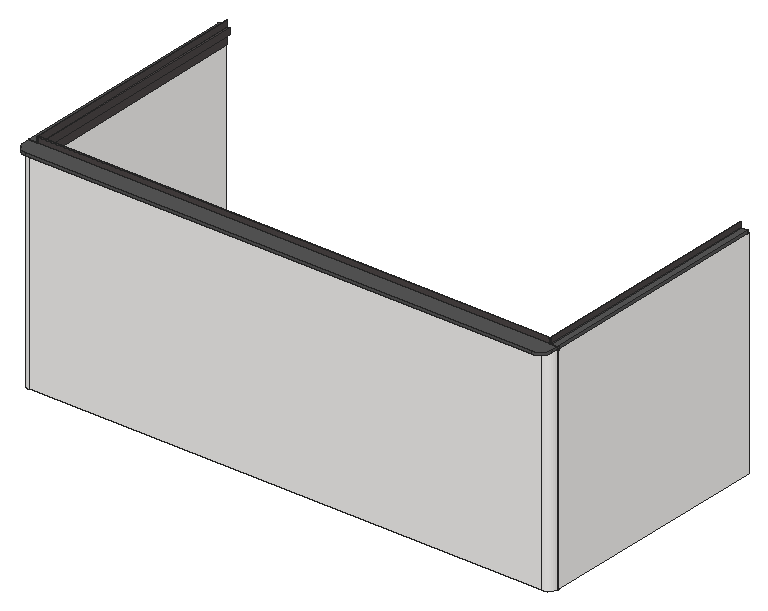
Revit family "vanity unit with 1 drawers for consoles with countertop basin ground", category Furniture, Revit 2019 (continued)
Definition of nested family "vanity unit 980_550 with 1 drawer for consoles with countertop basin ground-54058000-high gloss white-chrome-200_content"
  Parameters (values of type "Vanity unit 980_550 with 1 drawer for consoles with countertop basin ground-54058000-High Gloss White-CHROME-200_Content")
    UNICLASS2015 = "Pr_40_30_78_05 | Bathroom furniture"
    SURFACE = "CHROME"
    REGIONSET = "Worldwide"
    PRODUCTURL = "https://pro.hansgrohe.com/articledetail--54058000"
    PRODUCTGROUP = "vanity unit"
    PRODUCTFAMILY = "Xelu Q"
    PERMALINK = "54058XXX"
    OMNICLASS = "23-21 19 15 33 13 | Residential Bathroom Specialty Casework"
    OBJECTTYPE = "Object (single object)"
    OBERFLAECHE = "High Gloss White"
    NN = "Vanity Unit with 1 Drawers for consoles with countertop basin ground"
    NBSYN = "$BASENUMBER.-$ARTNR.-$OBERFLAECHE.-$SURFACE.-$LODLEVEL."
    NB = "Vanity unit 980/550 with 1 drawer for consoles with countertop basin ground-54058000-High Gloss White-CHROME-200"
    NAME = "Xelu Q Vanity unit High Gloss White 980/550 with 1 drawer for consoles with countertop basin ground"
    Model = "Vanity unit 980/550 with 1 drawer for consoles with countertop basin ground-54058000-High Gloss White-CHROME-200"
    Manufacturer = "Hansgrohe"
    MASTERFORMAT = "12 35 30.23 | Bathroom Casework"
    LODLEVEL = "200"
    LINA = "Vanity unit 980/550 with 1 drawer for consoles with countertop basin ground-54058000-High Gloss White-CHROME-200"
    L = 980
    IFC = "Furnishing element"
    GTINCODE = "4059625456217"
    ETIM = "EC011381 | Bathroom furniture set"
    Default Elevation = 1219.2 mm
    DESIGN = "Germany"
    ContentVisible [instance] = yes
    CATALOG = "Hansgrohe"
    BIMOBJECT = "Sanitary: Compound units"
    BASENUMBER = "Vanity unit 980/550 with 1 drawer for consoles with countertop basin ground"
    ARTNR = "54058000"
  Reference planes
    plane 1 "Center (Front/Back)": y = 0
    plane 2: z = 0
    plane 3 "Center (Left/Right)": x = 0
  Forms (mm)
    Extrusion 1, solid, visible <- "ContentVisible", detail levels medium+fine
      sketch origin (0, 0, 0) x (1, 0, 0) y (0, 1, 0)
        loop
          line (-490, 0) -> (-490, -551) -> (490, -551) -> (490, 0) -> (474, 0) -> (474, -117) -> (-474, -117) -> (-474, 0) -> (-490, 0)
      from 0 to 480
    Extrusion 2, solid, visible <- "ContentVisible", detail levels medium+fine
      sketch origin (0, 0, 480) x (1, 0, 0) y (0, 1, 0)
        loop
          line (-488.5, -528.5) -> (-488.5, -571) -> (488.5, -571) -> (488.5, -528.5) -> (-488.5, -528.5)
      from 0 to 5
    Extrusion 3, solid, visible <- "ContentVisible", detail levels medium+fine
      sketch origin (0, 0, 0) x (1, 0, 0) y (0, 0, -1)
        loop
          line (-474, -447) -> (-474, -485) -> (-472.5, -485) -> (-472.5, -447) -> (-474, -447)
      from -530 to 0
    Extrusion 4, solid, visible <- "ContentVisible", detail levels medium+fine
      sketch origin (0, 0, 0) x (1, 0, 0) y (0, 0, -1)
        loop
          line (472.5, -446.8) -> (472.5, -485) -> (474, -485) -> (474, -446.8) -> (472.5, -446.8)
      from -530 to 0
    Extrusion 5, solid, visible <- "ContentVisible", detail levels medium+fine
      sketch origin (0, 0, 480) x (1, 0, 0) y (0, 1, 0)
        loop
          line (-490, 0) -> (-490, -530) -> (-474, -530) -> (-474, 0) -> (-490, 0)
      from 0 to 5
    Extrusion 6, solid, visible <- "ContentVisible", detail levels medium+fine
      sketch origin (0, 0, 480) x (1, 0, 0) y (0, 1, 0)
        loop
          line (474, 0) -> (474, -530) -> (490, -530) -> (490, 0) -> (474, 0)
      from 0 to 5
    Extrusion 7, solid, visible <- "ContentVisible", detail levels medium+fine
      sketch origin (0, 0, 0) x (1, 0, 0) y (0, 0, -1)
        loop
          line (-472.5, -447) -> (-472.5, -496) -> (-466.4, -496) -> (-466.4, -447) -> (-472.5, -447)
      from -528.5 to 0
    Extrusion 8, solid, visible <- "ContentVisible", detail levels medium+fine
      sketch origin (0, 0, 0) x (1, 0, 0) y (0, 0, -1)
        loop
          line (466.4, -447) -> (466.4, -496) -> (472.5, -496) -> (472.5, -447) -> (466.4, -447)
      from -528.5 to 0
    Extrusion 9, solid, visible <- "ContentVisible", detail levels medium+fine
      sketch origin (0, 0, 0) x (0, 0, -1) y (0, 1, 0)
        loop
          line (-496, -528.5) -> (-447, -528.5) -> (-447, -522.4) -> (-496, -522.4) -> (-496, -528.5)
      from -472.5 to 472.5
    Extrusion 10, solid, visible <- "ContentVisible", detail levels coarse
      sketch origin (0, -285.5, 0) x (1, 0, 0) y (0, 1, 0)
        loop
          line (-490, -285.5) -> (490, -285.5) -> (490, 285.5) -> (-490, 285.5) -> (-490, -285.5)
      from 0 to 496
  Dimensions and locks
    aligned and locked: level to plane 2
Definition of nested family "vanity unit 980_550 with 1 drawer for consoles with countertop basin ground-54058000-high gloss white-chrome-400_content"
  Parameters (values of type "Vanity unit 980_550 with 1 drawer for consoles with countertop basin ground-54058000-High Gloss White-CHROME-400_Content")
    etim7_EC011381 = "EC011381"
    WEIGHT = "30.2"
    UNSPSC = "56 | Furniture and Furnishings"
    UNIFORMATII = "E2010 | Fixed Furnishings"
    UNICLASS_2015_CODE = "40_30_78_05"
    UNICLASS2015 = "Pr_40_30_78_05 | Bathroom furniture"
    SURFACE = "CHROME"
    REGIONSET = "Worldwide"
    PRODUCTURL = "https://pro.hansgrohe.com/articledetail--54058000"
    PRODUCTGROUP = "vanity unit"
    PRODUCTFAMILY = "Xelu Q"
    PERMALINK = "54058XXX"
    OMNICLASS = "23-21 19 15 33 13 | Residential Bathroom Specialty Casework"
    OBJECTTYPE = "Object (single object)"
    OBERFLAECHE = "High Gloss White"
    NN = "Vanity Unit with 1 Drawers for consoles with countertop basin ground"
    NBSYN = "$BASENUMBER.-$ARTNR.-$OBERFLAECHE.-$SURFACE.-$LODLEVEL."
    NB = "Vanity unit 980/550 with 1 drawer for consoles with countertop basin ground-54058000-High Gloss White-CHROME-400"
    NAME = "Xelu Q Vanity unit High Gloss White 980/550 with 1 drawer for consoles with countertop basin ground"
    Model = "Vanity unit 980/550 with 1 drawer for consoles with countertop basin ground-54058000-High Gloss White-CHROME-400"
    Manufacturer = "Hansgrohe"
    MASTERFORMAT = "12 35 30.23 | Bathroom Casework"
    LODLEVEL = "400"
    LINA = "Vanity unit 980/550 with 1 drawer for consoles with countertop basin ground-54058000-High Gloss White-CHROME-400"
    L = 980
    IFC = "Furnishing element"
    GTINCODE = "4059625456217"
    ETIM = "EC011381 | Bathroom furniture set"
    Default Elevation = 1219.2 mm
    DESIGN = "Germany"
    ContentVisible [instance] = yes
    CATALOG = "Hansgrohe"
    BIMOBJECT = "Sanitary: Compound units"
    BASENUMBER = "Vanity unit 980/550 with 1 drawer for consoles with countertop basin ground"
    ARTNR = "54058000"
  Reference planes
    plane 1 "Center (Front/Back)": y = 0
    plane 2: z = 0
    plane 3 "Center (Left/Right)": x = 0
  Forms (mm)
    Extrusion 1, solid, visible <- "ContentVisible", detail levels medium+fine
      sketch origin (0, 0, 0) x (1, 0, 0) y (0, 1, 0)
        loop
          line (-490, 0) -> (-490, -527)
          arc (-490, -527) -> (-489.121, -529.121) -> (-487, -530) r 3
          line (-487, -530) -> (-474, -530) -> (-474, 0) -> (-490, 0)
      from 0 to 480
    Extrusion 2, solid, visible <- "ContentVisible", detail levels medium+fine
      sketch origin (0, 0, 0) x (1, 0, 0) y (0, 1, 0)
        loop
          line (-474, -133) -> (-474, -499.5) -> (474, -499.5) -> (474, -133) -> (-474, -133)
      from 0 to 16
    Extrusion 3, solid, visible <- "ContentVisible", detail levels medium+fine
      sketch origin (0, 0, 0) x (1, 0, 0) y (0, 1, 0)
        loop
          line (474, 0) -> (474, -530) -> (487, -530)
          arc (487, -530) -> (489.121, -529.121) -> (490, -527) r 3
          line (490, -527) -> (490, 0) -> (474, 0)
      from 0 to 480
    Extrusion 4, solid, visible <- "ContentVisible", detail levels medium+fine
      sketch origin (0, 0, 0) x (1, 0, 0) y (0, 1, 0)
        loop
          line (-474, -117) -> (-474, -133) -> (474, -133) -> (474, -117) -> (-474, -117)
      from 0 to 126
    Extrusion 5, solid, visible <- "ContentVisible", detail levels medium+fine
      sketch origin (0, 0, 2) x (1, 0, 0) y (0, 1, 0)
        loop
          line (-490, -530) -> (-490, -532)
          arc (-490, -532) -> (-484.435, -545.435) -> (-471, -551) r 19
          line (-471, -551) -> (471, -551)
          arc (471, -551) -> (484.435, -545.435) -> (490, -532) r 19
          line (490, -532) -> (490, -530) -> (-490, -530)
      from 0 to 478
    Extrusion 6, solid, visible <- "ContentVisible", detail levels medium+fine
      sketch origin (0, 0, 480) x (1, 0, 0) y (0, 1, 0)
        loop
          line (-488.5, -530) -> (-488.5, -546)
          arc (-488.5, -546) -> (-481.178, -563.678) -> (-463.5, -571) r 25
          line (-463.5, -571) -> (463.5, -571)
          arc (463.5, -571) -> (481.178, -563.678) -> (488.5, -546) r 25
          line (488.5, -546) -> (488.5, -530) -> (468.5, -530) -> (468.5, -528.5) -> (-468.5, -528.5) -> (-468.5, -530) -> (-488.5, -530)
      from 0 to 5
    Extrusion 7, solid, visible <- "ContentVisible", detail levels medium+fine
      sketch origin (0, 0, 0) x (0, 0, -1) y (0, 1, 0)
        loop
          line (-480, -528.5) -> (-480, -530) -> (-450, -530) -> (-450, -528.5) -> (-480, -528.5)
      from -468.5 to 468.5
    Extrusion 8, solid, visible <- "ContentVisible", detail levels medium+fine
      sketch origin (0, 0, 0) x (1, 0, 0) y (0, 0, -1)
        loop
          line (-474, -447) -> (-474, -485) -> (-472.5, -485) -> (-472.5, -447) -> (-474, -447)
      from -530 to 0
    Extrusion 9, solid, visible <- "ContentVisible", detail levels medium+fine
      sketch origin (0, 0, 0) x (1, 0, 0) y (0, 0, -1)
        loop
          line (472.5, -446.8) -> (472.5, -485) -> (474, -485) -> (474, -446.8) -> (472.5, -446.8)
      from -530 to 0
    Extrusion 10, solid, visible <- "ContentVisible", detail levels medium+fine
      sketch origin (0, 0, 480) x (1, 0, 0) y (0, 1, 0)
        loop
          line (-490, -3) -> (-490, -527)
          arc (-490, -527) -> (-489.121, -529.121) -> (-487, -530) r 3
          line (-487, -530) -> (-474, -530) -> (-474, 0) -> (-487, 0)
          arc (-487, 0) -> (-489.121, -0.879) -> (-490, -3) r 3
      from 0 to 5
    Extrusion 11, solid, visible <- "ContentVisible", detail levels medium+fine
      sketch origin (0, 0, 480) x (1, 0, 0) y (0, 1, 0)
        loop
          line (474, 0) -> (474, -530) -> (487, -530)
          arc (487, -530) -> (489.121, -529.121) -> (490, -527) r 3
          line (490, -527) -> (490, -3)
          arc (490, -3) -> (489.121, -0.879) -> (487, 0) r 3
          line (487, 0) -> (474, 0)
      from 0 to 5
    Extrusion 12, solid, visible <- "ContentVisible", detail levels medium+fine
      sketch origin (0, 0, 0) x (1, 0, 0) y (0, 0, -1)
        loop
          line (-472.5, -447) -> (-472.5, -496) -> (-471, -496) -> (-471, -483) -> (-466.4, -483) -> (-466.4, -468.5) -> (-471, -468.5) -> (-471, -447) -> (-472.5, -447)
      from -528.5 to 0
    Extrusion 13, solid, visible <- "ContentVisible", detail levels medium+fine
      sketch origin (0, 0, 0) x (1, 0, 0) y (0, 0, -1)
        loop
          line (466.4, -468.5) -> (466.4, -483) -> (471, -483) -> (471, -496) -> (472.5, -496) -> (472.5, -447) -> (471, -447) -> (471, -468.5) -> (466.4, -468.5)
      from -528.5 to 0
    Extrusion 14, solid, visible <- "ContentVisible", detail levels medium+fine
      sketch origin (0, 0, 0) x (0, 0, -1) y (0, 1, 0)
        loop
          line (-496, -528.5) -> (-447, -528.5) -> (-447, -527) -> (-468.5, -527) -> (-468.5, -522.4) -> (-483, -522.4) -> (-483, -527) -> (-496, -527) -> (-496, -528.5)
      from -472.5 to 472.5
    Extrusion 15, solid, visible <- "ContentVisible", detail levels medium+fine
      sketch origin (0, 0, 0) x (0, 0, -1) y (0, 1, 0)
        loop
          line (-440, -477) -> (-440, -493) -> (-366, -493) -> (-366, -477) -> (-440, -477)
      from -474 to 474
    Extrusion 16, solid, visible <- "ContentVisible", detail levels coarse
      sketch origin (0, -285.5, 0) x (1, 0, 0) y (0, 1, 0)
        loop
          line (-490, -285.5) -> (490, -285.5) -> (490, 285.5) -> (-490, 285.5) -> (-490, -285.5)
      from 0 to 496
  Dimensions and locks
    aligned and locked: level to plane 2
Definition of nested family "vanity unit 980_550 with 1 drawer for consoles with countertop basin ground-54058670-high gloss white-matt_black-200_con"
  Parameters (values of type "Vanity unit 980_550 with 1 drawer for consoles with countertop basin ground-54058670-High Gloss White-MATT_BLACK-200_Con")
    etim7_EC011381 = "EC011381"
    WEIGHT = "30.2"
    UNSPSC = "56 | Furniture and Furnishings"
    UNIFORMATII = "E2010 | Fixed Furnishings"
    UNICLASS_2015_CODE = "40_30_78_05"
    UNICLASS2015 = "Pr_40_30_78_05 | Bathroom furniture"
    SURFACE = "MATT_BLACK"
    REGIONSET = "Worldwide"
    PRODUCTURL = "https://pro.hansgrohe.com/articledetail--54058000"
    PRODUCTGROUP = "vanity unit"
    PRODUCTFAMILY = "Xelu Q"
    PERMALINK = "54058XXX"
    OMNICLASS = "23-21 19 15 33 13 | Residential Bathroom Specialty Casework"
    OBJECTTYPE = "Object (single object)"
    OBERFLAECHE = "High Gloss White"
    NN = "Vanity Unit with 1 Drawers for consoles with countertop basin ground"
    NBSYN = "$BASENUMBER.-$ARTNR.-$OBERFLAECHE.-$SURFACE.-$LODLEVEL."
    NB = "Vanity unit 980/550 with 1 drawer for consoles with countertop basin ground-54058670-High Gloss White-MATT_BLACK-200"
    NAME = "Xelu Q Vanity unit High Gloss White 980/550 with 1 drawer for consoles with countertop basin ground"
    Model = "Vanity unit 980/550 with 1 drawer for consoles with countertop basin ground-54058670-High Gloss White-MATT_BLACK-200"
    Manufacturer = "Hansgrohe"
    MASTERFORMAT = "12 35 30.23 | Bathroom Casework"
    LODLEVEL = "200"
    LINA = "Vanity unit 980/550 with 1 drawer for consoles with countertop basin ground-54058670-High Gloss White-MATT_BLACK-200"
    L = 980
    IFC = "Furnishing element"
    GTINCODE = "4059625456217"
    ETIM = "EC011381 | Bathroom furniture set"
    Default Elevation = 1219.2 mm
    DESIGN = "Germany"
    ContentVisible [instance] = yes
    CATALOG = "Hansgrohe"
    BIMOBJECT = "Sanitary: Compound units"
    BASENUMBER = "Vanity unit 980/550 with 1 drawer for consoles with countertop basin ground"
    ARTNR = "54058670"
  Reference planes
    plane 1 "Center (Front/Back)": y = 0
    plane 2: z = 0
    plane 3 "Center (Left/Right)": x = 0
  Forms (mm)
    Extrusion 1, solid, visible <- "ContentVisible", detail levels medium+fine
      sketch origin (0, 0, 0) x (1, 0, 0) y (0, 1, 0)
        loop
          line (-490, 0) -> (-490, -551) -> (490, -551) -> (490, 0) -> (474, 0) -> (474, -117) -> (-474, -117) -> (-474, 0) -> (-490, 0)
      from 0 to 480
    Extrusion 2, solid, visible <- "ContentVisible", detail levels medium+fine
      sketch origin (0, 0, 480) x (1, 0, 0) y (0, 1, 0)
        loop
          line (-488.5, -528.5) -> (-488.5, -571) -> (488.5, -571) -> (488.5, -528.5) -> (-488.5, -528.5)
      from 0 to 5
    Extrusion 3, solid, visible <- "ContentVisible", detail levels medium+fine
      sketch origin (0, 0, 0) x (1, 0, 0) y (0, 0, -1)
        loop
          line (-474, -447) -> (-474, -485) -> (-472.5, -485) -> (-472.5, -447) -> (-474, -447)
      from -530 to 0
    Extrusion 4, solid, visible <- "ContentVisible", detail levels medium+fine
      sketch origin (0, 0, 0) x (1, 0, 0) y (0, 0, -1)
        loop
          line (472.5, -446.8) -> (472.5, -485) -> (474, -485) -> (474, -446.8) -> (472.5, -446.8)
      from -530 to 0
    Extrusion 5, solid, visible <- "ContentVisible", detail levels medium+fine
      sketch origin (0, 0, 480) x (1, 0, 0) y (0, 1, 0)
        loop
          line (-490, 0) -> (-490, -530) -> (-474, -530) -> (-474, 0) -> (-490, 0)
      from 0 to 5
    Extrusion 6, solid, visible <- "ContentVisible", detail levels medium+fine
      sketch origin (0, 0, 480) x (1, 0, 0) y (0, 1, 0)
        loop
          line (474, 0) -> (474, -530) -> (490, -530) -> (490, 0) -> (474, 0)
      from 0 to 5
    Extrusion 7, solid, visible <- "ContentVisible", detail levels medium+fine
      sketch origin (0, 0, 0) x (1, 0, 0) y (0, 0, -1)
        loop
          line (-472.5, -447) -> (-472.5, -496) -> (-466.4, -496) -> (-466.4, -447) -> (-472.5, -447)
      from -528.5 to 0
    Extrusion 8, solid, visible <- "ContentVisible", detail levels medium+fine
      sketch origin (0, 0, 0) x (1, 0, 0) y (0, 0, -1)
        loop
          line (466.4, -447) -> (466.4, -496) -> (472.5, -496) -> (472.5, -447) -> (466.4, -447)
      from -528.5 to 0
    Extrusion 9, solid, visible <- "ContentVisible", detail levels medium+fine
      sketch origin (0, 0, 0) x (0, 0, -1) y (0, 1, 0)
        loop
          line (-496, -528.5) -> (-447, -528.5) -> (-447, -522.4) -> (-496, -522.4) -> (-496, -528.5)
      from -472.5 to 472.5
    Extrusion 10, solid, visible <- "ContentVisible", detail levels coarse
      sketch origin (0, -285.5, 0) x (1, 0, 0) y (0, 1, 0)
        loop
          line (-490, -285.5) -> (490, -285.5) -> (490, 285.5) -> (-490, 285.5) -> (-490, -285.5)
      from 0 to 496
  Dimensions and locks
    aligned and locked: level to plane 2
Definition of nested family "vanity unit 980_550 with 1 drawer for consoles with countertop basin ground-54058670-high gloss white-matt_black-400_con"
  Parameters (values of type "Vanity unit 980_550 with 1 drawer for consoles with countertop basin ground-54058670-High Gloss White-MATT_BLACK-400_Con")
    etim7_EC011381 = "EC011381"
    WEIGHT = "30.2"
    UNSPSC = "56 | Furniture and Furnishings"
    UNIFORMATII = "E2010 | Fixed Furnishings"
    UNICLASS_2015_CODE = "40_30_78_05"
    UNICLASS2015 = "Pr_40_30_78_05 | Bathroom furniture"
    SURFACE = "MATT_BLACK"
    REGIONSET = "Worldwide"
    PRODUCTURL = "https://pro.hansgrohe.com/articledetail--54058000"
    PRODUCTGROUP = "vanity unit"
    PRODUCTFAMILY = "Xelu Q"
    PERMALINK = "54058XXX"
    OMNICLASS = "23-21 19 15 33 13 | Residential Bathroom Specialty Casework"
    OBJECTTYPE = "Object (single object)"
    OBERFLAECHE = "High Gloss White"
    NN = "Vanity Unit with 1 Drawers for consoles with countertop basin ground"
    NBSYN = "$BASENUMBER.-$ARTNR.-$OBERFLAECHE.-$SURFACE.-$LODLEVEL."
    NB = "Vanity unit 980/550 with 1 drawer for consoles with countertop basin ground-54058670-High Gloss White-MATT_BLACK-400"
    NAME = "Xelu Q Vanity unit High Gloss White 980/550 with 1 drawer for consoles with countertop basin ground"
    Model = "Vanity unit 980/550 with 1 drawer for consoles with countertop basin ground-54058670-High Gloss White-MATT_BLACK-400"
    Manufacturer = "Hansgrohe"
    MASTERFORMAT = "12 35 30.23 | Bathroom Casework"
    LODLEVEL = "400"
    LINA = "Vanity unit 980/550 with 1 drawer for consoles with countertop basin ground-54058670-High Gloss White-MATT_BLACK-400"
    L = 980
    IFC = "Furnishing element"
    GTINCODE = "4059625456217"
    ETIM = "EC011381 | Bathroom furniture set"
    Default Elevation = 1219.2 mm
    DESIGN = "Germany"
    ContentVisible [instance] = yes
    CATALOG = "Hansgrohe"
    BIMOBJECT = "Sanitary: Compound units"
    BASENUMBER = "Vanity unit 980/550 with 1 drawer for consoles with countertop basin ground"
    ARTNR = "54058670"
  Reference planes
    plane 1 "Center (Front/Back)": y = 0
    plane 2: z = 0
    plane 3 "Center (Left/Right)": x = 0
  Forms (mm)
    Extrusion 1, solid, visible <- "ContentVisible", detail levels medium+fine
      sketch origin (0, 0, 0) x (1, 0, 0) y (0, 1, 0)
        loop
          line (-490, 0) -> (-490, -527)
          arc (-490, -527) -> (-489.121, -529.121) -> (-487, -530) r 3
          line (-487, -530) -> (-474, -530) -> (-474, 0) -> (-490, 0)
      from 0 to 480
    Extrusion 2, solid, visible <- "ContentVisible", detail levels medium+fine
      sketch origin (0, 0, 0) x (1, 0, 0) y (0, 1, 0)
        loop
          line (-474, -133) -> (-474, -499.5) -> (474, -499.5) -> (474, -133) -> (-474, -133)
      from 0 to 16
    Extrusion 3, solid, visible <- "ContentVisible", detail levels medium+fine
      sketch origin (0, 0, 0) x (1, 0, 0) y (0, 1, 0)
        loop
          line (474, 0) -> (474, -530) -> (487, -530)
          arc (487, -530) -> (489.121, -529.121) -> (490, -527) r 3
          line (490, -527) -> (490, 0) -> (474, 0)
      from 0 to 480
    Extrusion 4, solid, visible <- "ContentVisible", detail levels medium+fine
      sketch origin (0, 0, 0) x (1, 0, 0) y (0, 1, 0)
        loop
          line (-474, -117) -> (-474, -133) -> (474, -133) -> (474, -117) -> (-474, -117)
      from 0 to 126
    Extrusion 5, solid, visible <- "ContentVisible", detail levels medium+fine
      sketch origin (0, 0, 2) x (1, 0, 0) y (0, 1, 0)
        loop
          line (-490, -530) -> (-490, -532)
          arc (-490, -532) -> (-484.435, -545.435) -> (-471, -551) r 19
          line (-471, -551) -> (471, -551)
          arc (471, -551) -> (484.435, -545.435) -> (490, -532) r 19
          line (490, -532) -> (490, -530) -> (-490, -530)
      from 0 to 478
    Extrusion 6, solid, visible <- "ContentVisible", detail levels medium+fine
      sketch origin (0, 0, 480) x (1, 0, 0) y (0, 1, 0)
        loop
          line (-488.5, -530) -> (-488.5, -546)
          arc (-488.5, -546) -> (-481.178, -563.678) -> (-463.5, -571) r 25
          line (-463.5, -571) -> (463.5, -571)
          arc (463.5, -571) -> (481.178, -563.678) -> (488.5, -546) r 25
          line (488.5, -546) -> (488.5, -530) -> (468.5, -530) -> (468.5, -528.5) -> (-468.5, -528.5) -> (-468.5, -530) -> (-488.5, -530)
      from 0 to 5
    Extrusion 7, solid, visible <- "ContentVisible", detail levels medium+fine
      sketch origin (0, 0, 0) x (0, 0, -1) y (0, 1, 0)
        loop
          line (-480, -528.5) -> (-480, -530) -> (-450, -530) -> (-450, -528.5) -> (-480, -528.5)
      from -468.5 to 468.5
    Extrusion 8, solid, visible <- "ContentVisible", detail levels medium+fine
      sketch origin (0, 0, 0) x (1, 0, 0) y (0, 0, -1)
        loop
          line (-474, -447) -> (-474, -485) -> (-472.5, -485) -> (-472.5, -447) -> (-474, -447)
      from -530 to 0
    Extrusion 9, solid, visible <- "ContentVisible", detail levels medium+fine
      sketch origin (0, 0, 0) x (1, 0, 0) y (0, 0, -1)
        loop
          line (472.5, -446.8) -> (472.5, -485) -> (474, -485) -> (474, -446.8) -> (472.5, -446.8)
      from -530 to 0
    Extrusion 10, solid, visible <- "ContentVisible", detail levels medium+fine
      sketch origin (0, 0, 480) x (1, 0, 0) y (0, 1, 0)
        loop
          line (-490, -3) -> (-490, -527)
          arc (-490, -527) -> (-489.121, -529.121) -> (-487, -530) r 3
          line (-487, -530) -> (-474, -530) -> (-474, 0) -> (-487, 0)
          arc (-487, 0) -> (-489.121, -0.879) -> (-490, -3) r 3
      from 0 to 5
    Extrusion 11, solid, visible <- "ContentVisible", detail levels medium+fine
      sketch origin (0, 0, 480) x (1, 0, 0) y (0, 1, 0)
        loop
          line (474, 0) -> (474, -530) -> (487, -530)
          arc (487, -530) -> (489.121, -529.121) -> (490, -527) r 3
          line (490, -527) -> (490, -3)
          arc (490, -3) -> (489.121, -0.879) -> (487, 0) r 3
          line (487, 0) -> (474, 0)
      from 0 to 5
    Extrusion 12, solid, visible <- "ContentVisible", detail levels medium+fine
      sketch origin (0, 0, 0) x (1, 0, 0) y (0, 0, -1)
        loop
          line (-472.5, -447) -> (-472.5, -496) -> (-471, -496) -> (-471, -483) -> (-466.4, -483) -> (-466.4, -468.5) -> (-471, -468.5) -> (-471, -447) -> (-472.5, -447)
      from -528.5 to 0
    Extrusion 13, solid, visible <- "ContentVisible", detail levels medium+fine
      sketch origin (0, 0, 0) x (1, 0, 0) y (0, 0, -1)
        loop
          line (466.4, -468.5) -> (466.4, -483) -> (471, -483) -> (471, -496) -> (472.5, -496) -> (472.5, -447) -> (471, -447) -> (471, -468.5) -> (466.4, -468.5)
      from -528.5 to 0
    Extrusion 14, solid, visible <- "ContentVisible", detail levels medium+fine
      sketch origin (0, 0, 0) x (0, 0, -1) y (0, 1, 0)
        loop
          line (-496, -528.5) -> (-447, -528.5) -> (-447, -527) -> (-468.5, -527) -> (-468.5, -522.4) -> (-483, -522.4) -> (-483, -527) -> (-496, -527) -> (-496, -528.5)
      from -472.5 to 472.5
    Extrusion 15, solid, visible <- "ContentVisible", detail levels medium+fine
      sketch origin (0, 0, 0) x (0, 0, -1) y (0, 1, 0)
        loop
          line (-440, -477) -> (-440, -493) -> (-366, -493) -> (-366, -477) -> (-440, -477)
      from -474 to 474
    Extrusion 16, solid, visible <- "ContentVisible", detail levels coarse
      sketch origin (0, -285.5, 0) x (1, 0, 0) y (0, 1, 0)
        loop
          line (-490, -285.5) -> (490, -285.5) -> (490, 285.5) -> (-490, 285.5) -> (-490, -285.5)
      from 0 to 496
  Dimensions and locks
    aligned and locked: level to plane 2
Definition of nested family "vanity unit 980_550 with 1 drawer for consoles with countertop basin ground-54058700-high gloss white-matt_white-200_con"
  Parameters (values of type "Vanity unit 980_550 with 1 drawer for consoles with countertop basin ground-54058700-High Gloss White-MATT_WHITE-200_Con")
    etim7_EC011381 = "EC011381"
    WEIGHT = "30.2"
    UNSPSC = "56 | Furniture and Furnishings"
    UNIFORMATII = "E2010 | Fixed Furnishings"
    UNICLASS_2015_CODE = "40_30_78_05"
    UNICLASS2015 = "Pr_40_30_78_05 | Bathroom furniture"
    SURFACE = "MATT_WHITE"
    REGIONSET = "Worldwide"
    PRODUCTURL = "https://pro.hansgrohe.com/articledetail--54058000"
    PRODUCTGROUP = "vanity unit"
    PRODUCTFAMILY = "Xelu Q"
    PERMALINK = "54058XXX"
    OMNICLASS = "23-21 19 15 33 13 | Residential Bathroom Specialty Casework"
    OBJECTTYPE = "Object (single object)"
    OBERFLAECHE = "High Gloss White"
    NN = "Vanity Unit with 1 Drawers for consoles with countertop basin ground"
    NBSYN = "$BASENUMBER.-$ARTNR.-$OBERFLAECHE.-$SURFACE.-$LODLEVEL."
    NB = "Vanity unit 980/550 with 1 drawer for consoles with countertop basin ground-54058700-High Gloss White-MATT_WHITE-200"
    NAME = "Xelu Q Vanity unit High Gloss White 980/550 with 1 drawer for consoles with countertop basin ground"
    Model = "Vanity unit 980/550 with 1 drawer for consoles with countertop basin ground-54058700-High Gloss White-MATT_WHITE-200"
    Manufacturer = "Hansgrohe"
    MASTERFORMAT = "12 35 30.23 | Bathroom Casework"
    LODLEVEL = "200"
    LINA = "Vanity unit 980/550 with 1 drawer for consoles with countertop basin ground-54058700-High Gloss White-MATT_WHITE-200"
    L = 980
    IFC = "Furnishing element"
    GTINCODE = "4059625456217"
    ETIM = "EC011381 | Bathroom furniture set"
    Default Elevation = 1219.2 mm
    DESIGN = "Germany"
    ContentVisible [instance] = yes
    CATALOG = "Hansgrohe"
    BIMOBJECT = "Sanitary: Compound units"
    BASENUMBER = "Vanity unit 980/550 with 1 drawer for consoles with countertop basin ground"
    ARTNR = "54058700"
  Reference planes
    plane 1 "Center (Front/Back)": y = 0
    plane 2: z = 0
    plane 3 "Center (Left/Right)": x = 0
  Forms (mm)
    Extrusion 1, solid, visible <- "ContentVisible", detail levels medium+fine
      sketch origin (0, 0, 0) x (1, 0, 0) y (0, 1, 0)
        loop
          line (-490, 0) -> (-490, -551) -> (490, -551) -> (490, 0) -> (474, 0) -> (474, -117) -> (-474, -117) -> (-474, 0) -> (-490, 0)
      from 0 to 480
    Extrusion 2, solid, visible <- "ContentVisible", detail levels medium+fine
      sketch origin (0, 0, 480) x (1, 0, 0) y (0, 1, 0)
        loop
          line (-488.5, -528.5) -> (-488.5, -571) -> (488.5, -571) -> (488.5, -528.5) -> (-488.5, -528.5)
      from 0 to 5
    Extrusion 3, solid, visible <- "ContentVisible", detail levels medium+fine
      sketch origin (0, 0, 0) x (1, 0, 0) y (0, 0, -1)
        loop
          line (-474, -447) -> (-474, -485) -> (-472.5, -485) -> (-472.5, -447) -> (-474, -447)
      from -530 to 0
    Extrusion 4, solid, visible <- "ContentVisible", detail levels medium+fine
      sketch origin (0, 0, 0) x (1, 0, 0) y (0, 0, -1)
        loop
          line (472.5, -446.8) -> (472.5, -485) -> (474, -485) -> (474, -446.8) -> (472.5, -446.8)
      from -530 to 0
    Extrusion 5, solid, visible <- "ContentVisible", detail levels medium+fine
      sketch origin (0, 0, 480) x (1, 0, 0) y (0, 1, 0)
        loop
          line (-490, 0) -> (-490, -530) -> (-474, -530) -> (-474, 0) -> (-490, 0)
      from 0 to 5
    Extrusion 6, solid, visible <- "ContentVisible", detail levels medium+fine
      sketch origin (0, 0, 480) x (1, 0, 0) y (0, 1, 0)
        loop
          line (474, 0) -> (474, -530) -> (490, -530) -> (490, 0) -> (474, 0)
      from 0 to 5
    Extrusion 7, solid, visible <- "ContentVisible", detail levels medium+fine
      sketch origin (0, 0, 0) x (1, 0, 0) y (0, 0, -1)
        loop
          line (-472.5, -447) -> (-472.5, -496) -> (-466.4, -496) -> (-466.4, -447) -> (-472.5, -447)
      from -528.5 to 0
    Extrusion 8, solid, visible <- "ContentVisible", detail levels medium+fine
      sketch origin (0, 0, 0) x (1, 0, 0) y (0, 0, -1)
        loop
          line (466.4, -447) -> (466.4, -496) -> (472.5, -496) -> (472.5, -447) -> (466.4, -447)
      from -528.5 to 0
    Extrusion 9, solid, visible <- "ContentVisible", detail levels medium+fine
      sketch origin (0, 0, 0) x (0, 0, -1) y (0, 1, 0)
        loop
          line (-496, -528.5) -> (-447, -528.5) -> (-447, -522.4) -> (-496, -522.4) -> (-496, -528.5)
      from -472.5 to 472.5
    Extrusion 10, solid, visible <- "ContentVisible", detail levels coarse
      sketch origin (0, -285.5, 0) x (1, 0, 0) y (0, 1, 0)
        loop
          line (-490, -285.5) -> (490, -285.5) -> (490, 285.5) -> (-490, 285.5) -> (-490, -285.5)
      from 0 to 496
  Dimensions and locks
    aligned and locked: level to plane 2
Definition of nested family "vanity unit 980_550 with 1 drawer for consoles with countertop basin ground-54058700-high gloss white-matt_white-400_con"
  Parameters (values of type "Vanity unit 980_550 with 1 drawer for consoles with countertop basin ground-54058700-High Gloss White-MATT_WHITE-400_Con")
    etim7_EC011381 = "EC011381"
    WEIGHT = "30.2"
    UNSPSC = "56 | Furniture and Furnishings"
    UNIFORMATII = "E2010 | Fixed Furnishings"
    UNICLASS_2015_CODE = "40_30_78_05"
    UNICLASS2015 = "Pr_40_30_78_05 | Bathroom furniture"
    SURFACE = "MATT_WHITE"
    REGIONSET = "Worldwide"
    PRODUCTURL = "https://pro.hansgrohe.com/articledetail--54058000"
    PRODUCTGROUP = "vanity unit"
    PRODUCTFAMILY = "Xelu Q"
    PERMALINK = "54058XXX"
    OMNICLASS = "23-21 19 15 33 13 | Residential Bathroom Specialty Casework"
    OBJECTTYPE = "Object (single object)"
    OBERFLAECHE = "High Gloss White"
    NN = "Vanity Unit with 1 Drawers for consoles with countertop basin ground"
    NBSYN = "$BASENUMBER.-$ARTNR.-$OBERFLAECHE.-$SURFACE.-$LODLEVEL."
    NB = "Vanity unit 980/550 with 1 drawer for consoles with countertop basin ground-54058700-High Gloss White-MATT_WHITE-400"
    NAME = "Xelu Q Vanity unit High Gloss White 980/550 with 1 drawer for consoles with countertop basin ground"
    Model = "Vanity unit 980/550 with 1 drawer for consoles with countertop basin ground-54058700-High Gloss White-MATT_WHITE-400"
    Manufacturer = "Hansgrohe"
    MASTERFORMAT = "12 35 30.23 | Bathroom Casework"
    LODLEVEL = "400"
    LINA = "Vanity unit 980/550 with 1 drawer for consoles with countertop basin ground-54058700-High Gloss White-MATT_WHITE-400"
    L = 980
    IFC = "Furnishing element"
    GTINCODE = "4059625456217"
    ETIM = "EC011381 | Bathroom furniture set"
    Default Elevation = 1219.2 mm
    DESIGN = "Germany"
    ContentVisible [instance] = yes
    CATALOG = "Hansgrohe"
    BIMOBJECT = "Sanitary: Compound units"
    BASENUMBER = "Vanity unit 980/550 with 1 drawer for consoles with countertop basin ground"
    ARTNR = "54058700"
  Reference planes
    plane 1 "Center (Front/Back)": y = 0
    plane 2: z = 0
    plane 3 "Center (Left/Right)": x = 0
  Forms (mm)
    Extrusion 1, solid, visible <- "ContentVisible", detail levels medium+fine
      sketch origin (0, 0, 0) x (1, 0, 0) y (0, 1, 0)
        loop
          line (-490, 0) -> (-490, -527)
          arc (-490, -527) -> (-489.121, -529.121) -> (-487, -530) r 3
          line (-487, -530) -> (-474, -530) -> (-474, 0) -> (-490, 0)
      from 0 to 480
    Extrusion 2, solid, visible <- "ContentVisible", detail levels medium+fine
      sketch origin (0, 0, 0) x (1, 0, 0) y (0, 1, 0)
        loop
          line (-474, -133) -> (-474, -499.5) -> (474, -499.5) -> (474, -133) -> (-474, -133)
      from 0 to 16
    Extrusion 3, solid, visible <- "ContentVisible", detail levels medium+fine
      sketch origin (0, 0, 0) x (1, 0, 0) y (0, 1, 0)
        loop
          line (474, 0) -> (474, -530) -> (487, -530)
          arc (487, -530) -> (489.121, -529.121) -> (490, -527) r 3
          line (490, -527) -> (490, 0) -> (474, 0)
      from 0 to 480
    Extrusion 4, solid, visible <- "ContentVisible", detail levels medium+fine
      sketch origin (0, 0, 0) x (1, 0, 0) y (0, 1, 0)
        loop
          line (-474, -117) -> (-474, -133) -> (474, -133) -> (474, -117) -> (-474, -117)
      from 0 to 126
    Extrusion 5, solid, visible <- "ContentVisible", detail levels medium+fine
      sketch origin (0, 0, 2) x (1, 0, 0) y (0, 1, 0)
        loop
          line (-490, -530) -> (-490, -532)
          arc (-490, -532) -> (-484.435, -545.435) -> (-471, -551) r 19
          line (-471, -551) -> (471, -551)
          arc (471, -551) -> (484.435, -545.435) -> (490, -532) r 19
          line (490, -532) -> (490, -530) -> (-490, -530)
      from 0 to 478
    Extrusion 6, solid, visible <- "ContentVisible", detail levels medium+fine
      sketch origin (0, 0, 480) x (1, 0, 0) y (0, 1, 0)
        loop
          line (-488.5, -530) -> (-488.5, -546)
          arc (-488.5, -546) -> (-481.178, -563.678) -> (-463.5, -571) r 25
          line (-463.5, -571) -> (463.5, -571)
          arc (463.5, -571) -> (481.178, -563.678) -> (488.5, -546) r 25
          line (488.5, -546) -> (488.5, -530) -> (468.5, -530) -> (468.5, -528.5) -> (-468.5, -528.5) -> (-468.5, -530) -> (-488.5, -530)
      from 0 to 5
    Extrusion 7, solid, visible <- "ContentVisible", detail levels medium+fine
      sketch origin (0, 0, 0) x (0, 0, -1) y (0, 1, 0)
        loop
          line (-480, -528.5) -> (-480, -530) -> (-450, -530) -> (-450, -528.5) -> (-480, -528.5)
      from -468.5 to 468.5
    Extrusion 8, solid, visible <- "ContentVisible", detail levels medium+fine
      sketch origin (0, 0, 0) x (1, 0, 0) y (0, 0, -1)
        loop
          line (-474, -447) -> (-474, -485) -> (-472.5, -485) -> (-472.5, -447) -> (-474, -447)
      from -530 to 0
    Extrusion 9, solid, visible <- "ContentVisible", detail levels medium+fine
      sketch origin (0, 0, 0) x (1, 0, 0) y (0, 0, -1)
        loop
          line (472.5, -446.8) -> (472.5, -485) -> (474, -485) -> (474, -446.8) -> (472.5, -446.8)
      from -530 to 0
    Extrusion 10, solid, visible <- "ContentVisible", detail levels medium+fine
      sketch origin (0, 0, 480) x (1, 0, 0) y (0, 1, 0)
        loop
          line (-490, -3) -> (-490, -527)
          arc (-490, -527) -> (-489.121, -529.121) -> (-487, -530) r 3
          line (-487, -530) -> (-474, -530) -> (-474, 0) -> (-487, 0)
          arc (-487, 0) -> (-489.121, -0.879) -> (-490, -3) r 3
      from 0 to 5
    Extrusion 11, solid, visible <- "ContentVisible", detail levels medium+fine
      sketch origin (0, 0, 480) x (1, 0, 0) y (0, 1, 0)
        loop
          line (474, 0) -> (474, -530) -> (487, -530)
          arc (487, -530) -> (489.121, -529.121) -> (490, -527) r 3
          line (490, -527) -> (490, -3)
          arc (490, -3) -> (489.121, -0.879) -> (487, 0) r 3
          line (487, 0) -> (474, 0)
      from 0 to 5
    Extrusion 12, solid, visible <- "ContentVisible", detail levels medium+fine
      sketch origin (0, 0, 0) x (1, 0, 0) y (0, 0, -1)
        loop
          line (-472.5, -447) -> (-472.5, -496) -> (-471, -496) -> (-471, -483) -> (-466.4, -483) -> (-466.4, -468.5) -> (-471, -468.5) -> (-471, -447) -> (-472.5, -447)
      from -528.5 to 0
    Extrusion 13, solid, visible <- "ContentVisible", detail levels medium+fine
      sketch origin (0, 0, 0) x (1, 0, 0) y (0, 0, -1)
        loop
          line (466.4, -468.5) -> (466.4, -483) -> (471, -483) -> (471, -496) -> (472.5, -496) -> (472.5, -447) -> (471, -447) -> (471, -468.5) -> (466.4, -468.5)
      from -528.5 to 0
    Extrusion 14, solid, visible <- "ContentVisible", detail levels medium+fine
      sketch origin (0, 0, 0) x (0, 0, -1) y (0, 1, 0)
        loop
          line (-496, -528.5) -> (-447, -528.5) -> (-447, -527) -> (-468.5, -527) -> (-468.5, -522.4) -> (-483, -522.4) -> (-483, -527) -> (-496, -527) -> (-496, -528.5)
      from -472.5 to 472.5
    Extrusion 15, solid, visible <- "ContentVisible", detail levels medium+fine
      sketch origin (0, 0, 0) x (0, 0, -1) y (0, 1, 0)
        loop
          line (-440, -477) -> (-440, -493) -> (-366, -493) -> (-366, -477) -> (-440, -477)
      from -474 to 474
    Extrusion 16, solid, visible <- "ContentVisible", detail levels coarse
      sketch origin (0, -285.5, 0) x (1, 0, 0) y (0, 1, 0)
        loop
          line (-490, -285.5) -> (490, -285.5) -> (490, 285.5) -> (-490, 285.5) -> (-490, -285.5)
      from 0 to 496
  Dimensions and locks
    aligned and locked: level to plane 2
Definition of nested family "vanity unit 980_550 with 1 drawer for consoles with countertop basin ground-54059000-diamond matt grey-chrome-200_conten"
  Parameters (values of type "Vanity unit 980_550 with 1 drawer for consoles with countertop basin ground-54059000-Diamond Matt Grey-CHROME-200_Conten")
    etim7_EC011381 = "EC011381"
    WEIGHT = "30.2"
    UNSPSC = "56 | Furniture and Furnishings"
    UNIFORMATII = "E2010 | Fixed Furnishings"
    UNICLASS_2015_CODE = "40_30_78_05"
    UNICLASS2015 = "Pr_40_30_78_05 | Bathroom furniture"
    SURFACE = "CHROME"
    REGIONSET = "Worldwide"
    PRODUCTURL = "https://pro.hansgrohe.com/articledetail--54059000"
    PRODUCTGROUP = "vanity unit"
    PRODUCTFAMILY = "Xelu Q"
    PERMALINK = "54059XXX"
    OMNICLASS = "23-21 19 15 33 13 | Residential Bathroom Specialty Casework"
    OBJECTTYPE = "Object (single object)"
    OBERFLAECHE = "Diamond Matt Grey"
    NN = "Vanity Unit with 1 Drawers for consoles with countertop basin ground"
    NBSYN = "$BASENUMBER.-$ARTNR.-$OBERFLAECHE.-$SURFACE.-$LODLEVEL."
    NB = "Vanity unit 980/550 with 1 drawer for consoles with countertop basin ground-54059000-Diamond Matt Grey-CHROME-200"
    NAME = "Xelu Q Vanity unit Diamond Matt Grey 980/550 with 1 drawer for consoles with countertop basin ground"
    Model = "Vanity unit 980/550 with 1 drawer for consoles with countertop basin ground-54059000-Diamond Matt Grey-CHROME-200"
    Manufacturer = "Hansgrohe"
    MASTERFORMAT = "12 35 30.23 | Bathroom Casework"
    LODLEVEL = "200"
    LINA = "Vanity unit 980/550 with 1 drawer for consoles with countertop basin ground-54059000-Diamond Matt Grey-CHROME-200"
    L = 980
    IFC = "Furnishing element"
    GTINCODE = "4059625456187"
    ETIM = "EC011381 | Bathroom furniture set"
    Default Elevation = 1219.2 mm
    DESIGN = "Germany"
    ContentVisible [instance] = yes
    CATALOG = "Hansgrohe"
    BIMOBJECT = "Sanitary: Compound units"
    BASENUMBER = "Vanity unit 980/550 with 1 drawer for consoles with countertop basin ground"
    ARTNR = "54059000"
  Reference planes
    plane 1 "Center (Front/Back)": y = 0
    plane 2: z = 0
    plane 3 "Center (Left/Right)": x = 0
  Forms (mm)
    Extrusion 1, solid, visible <- "ContentVisible", detail levels medium+fine
      sketch origin (0, 0, 0) x (1, 0, 0) y (0, 1, 0)
        loop
          line (-490, 0) -> (-490, -551) -> (490, -551) -> (490, 0) -> (474, 0) -> (474, -117) -> (-474, -117) -> (-474, 0) -> (-490, 0)
      from 0 to 480
    Extrusion 2, solid, visible <- "ContentVisible", detail levels medium+fine
      sketch origin (0, 0, 480) x (1, 0, 0) y (0, 1, 0)
        loop
          line (-488.5, -528.5) -> (-488.5, -571) -> (488.5, -571) -> (488.5, -528.5) -> (-488.5, -528.5)
      from 0 to 5
    Extrusion 3, solid, visible <- "ContentVisible", detail levels medium+fine
      sketch origin (0, 0, 0) x (1, 0, 0) y (0, 0, -1)
        loop
          line (-474, -447) -> (-474, -485) -> (-472.5, -485) -> (-472.5, -447) -> (-474, -447)
      from -530 to 0
    Extrusion 4, solid, visible <- "ContentVisible", detail levels medium+fine
      sketch origin (0, 0, 0) x (1, 0, 0) y (0, 0, -1)
        loop
          line (472.5, -446.8) -> (472.5, -485) -> (474, -485) -> (474, -446.8) -> (472.5, -446.8)
      from -530 to 0
    Extrusion 5, solid, visible <- "ContentVisible", detail levels medium+fine
      sketch origin (0, 0, 480) x (1, 0, 0) y (0, 1, 0)
        loop
          line (-490, 0) -> (-490, -530) -> (-474, -530) -> (-474, 0) -> (-490, 0)
      from 0 to 5
    Extrusion 6, solid, visible <- "ContentVisible", detail levels medium+fine
      sketch origin (0, 0, 480) x (1, 0, 0) y (0, 1, 0)
        loop
          line (474, 0) -> (474, -530) -> (490, -530) -> (490, 0) -> (474, 0)
      from 0 to 5
    Extrusion 7, solid, visible <- "ContentVisible", detail levels medium+fine
      sketch origin (0, 0, 0) x (1, 0, 0) y (0, 0, -1)
        loop
          line (-472.5, -447) -> (-472.5, -496) -> (-466.4, -496) -> (-466.4, -447) -> (-472.5, -447)
      from -528.5 to 0
    Extrusion 8, solid, visible <- "ContentVisible", detail levels medium+fine
      sketch origin (0, 0, 0) x (1, 0, 0) y (0, 0, -1)
        loop
          line (466.4, -447) -> (466.4, -496) -> (472.5, -496) -> (472.5, -447) -> (466.4, -447)
      from -528.5 to 0
    Extrusion 9, solid, visible <- "ContentVisible", detail levels medium+fine
      sketch origin (0, 0, 0) x (0, 0, -1) y (0, 1, 0)
        loop
          line (-496, -528.5) -> (-447, -528.5) -> (-447, -522.4) -> (-496, -522.4) -> (-496, -528.5)
      from -472.5 to 472.5
    Extrusion 10, solid, visible <- "ContentVisible", detail levels coarse
      sketch origin (0, -285.5, 0) x (1, 0, 0) y (0, 1, 0)
        loop
          line (-490, -285.5) -> (490, -285.5) -> (490, 285.5) -> (-490, 285.5) -> (-490, -285.5)
      from 0 to 496
  Dimensions and locks
    aligned and locked: level to plane 2
Definition of nested family "vanity unit 980_550 with 1 drawer for consoles with countertop basin ground-54059000-diamond matt grey-chrome-400_conten"
  Parameters (values of type "Vanity unit 980_550 with 1 drawer for consoles with countertop basin ground-54059000-Diamond Matt Grey-CHROME-400_Conten")
    etim7_EC011381 = "EC011381"
    WEIGHT = "30.2"
    UNSPSC = "56 | Furniture and Furnishings"
    UNIFORMATII = "E2010 | Fixed Furnishings"
    UNICLASS_2015_CODE = "40_30_78_05"
    UNICLASS2015 = "Pr_40_30_78_05 | Bathroom furniture"
    SURFACE = "CHROME"
    REGIONSET = "Worldwide"
    PRODUCTURL = "https://pro.hansgrohe.com/articledetail--54059000"
    PRODUCTGROUP = "vanity unit"
    PRODUCTFAMILY = "Xelu Q"
    PERMALINK = "54059XXX"
    OMNICLASS = "23-21 19 15 33 13 | Residential Bathroom Specialty Casework"
    OBJECTTYPE = "Object (single object)"
    OBERFLAECHE = "Diamond Matt Grey"
    NN = "Vanity Unit with 1 Drawers for consoles with countertop basin ground"
    NBSYN = "$BASENUMBER.-$ARTNR.-$OBERFLAECHE.-$SURFACE.-$LODLEVEL."
    NB = "Vanity unit 980/550 with 1 drawer for consoles with countertop basin ground-54059000-Diamond Matt Grey-CHROME-400"
    NAME = "Xelu Q Vanity unit Diamond Matt Grey 980/550 with 1 drawer for consoles with countertop basin ground"
    Model = "Vanity unit 980/550 with 1 drawer for consoles with countertop basin ground-54059000-Diamond Matt Grey-CHROME-400"
    Manufacturer = "Hansgrohe"
    MASTERFORMAT = "12 35 30.23 | Bathroom Casework"
    LODLEVEL = "400"
    LINA = "Vanity unit 980/550 with 1 drawer for consoles with countertop basin ground-54059000-Diamond Matt Grey-CHROME-400"
    L = 980
    IFC = "Furnishing element"
    GTINCODE = "4059625456187"
    ETIM = "EC011381 | Bathroom furniture set"
    Default Elevation = 1219.2 mm
    DESIGN = "Germany"
    ContentVisible [instance] = yes
    CATALOG = "Hansgrohe"
    BIMOBJECT = "Sanitary: Compound units"
    BASENUMBER = "Vanity unit 980/550 with 1 drawer for consoles with countertop basin ground"
    ARTNR = "54059000"
  Reference planes
    plane 1 "Center (Front/Back)": y = 0
    plane 2: z = 0
    plane 3 "Center (Left/Right)": x = 0
  Forms (mm)
    Extrusion 1, solid, visible <- "ContentVisible", detail levels medium+fine
      sketch origin (0, 0, 0) x (1, 0, 0) y (0, 1, 0)
        loop
          line (-490, 0) -> (-490, -527)
          arc (-490, -527) -> (-489.121, -529.121) -> (-487, -530) r 3
          line (-487, -530) -> (-474, -530) -> (-474, 0) -> (-490, 0)
      from 0 to 480
    Extrusion 2, solid, visible <- "ContentVisible", detail levels medium+fine
      sketch origin (0, 0, 0) x (1, 0, 0) y (0, 1, 0)
        loop
          line (-474, -133) -> (-474, -499.5) -> (474, -499.5) -> (474, -133) -> (-474, -133)
      from 0 to 16
    Extrusion 3, solid, visible <- "ContentVisible", detail levels medium+fine
      sketch origin (0, 0, 0) x (1, 0, 0) y (0, 1, 0)
        loop
          line (474, 0) -> (474, -530) -> (487, -530)
          arc (487, -530) -> (489.121, -529.121) -> (490, -527) r 3
          line (490, -527) -> (490, 0) -> (474, 0)
      from 0 to 480
    Extrusion 4, solid, visible <- "ContentVisible", detail levels medium+fine
      sketch origin (0, 0, 0) x (1, 0, 0) y (0, 1, 0)
        loop
          line (-474, -117) -> (-474, -133) -> (474, -133) -> (474, -117) -> (-474, -117)
      from 0 to 126
    Extrusion 5, solid, visible <- "ContentVisible", detail levels medium+fine
      sketch origin (0, 0, 2) x (1, 0, 0) y (0, 1, 0)
        loop
          line (-490, -530) -> (-490, -532)
          arc (-490, -532) -> (-484.435, -545.435) -> (-471, -551) r 19
          line (-471, -551) -> (471, -551)
          arc (471, -551) -> (484.435, -545.435) -> (490, -532) r 19
          line (490, -532) -> (490, -530) -> (-490, -530)
      from 0 to 478
    Extrusion 6, solid, visible <- "ContentVisible", detail levels medium+fine
      sketch origin (0, 0, 480) x (1, 0, 0) y (0, 1, 0)
        loop
          line (-488.5, -530) -> (-488.5, -546)
          arc (-488.5, -546) -> (-481.178, -563.678) -> (-463.5, -571) r 25
          line (-463.5, -571) -> (463.5, -571)
          arc (463.5, -571) -> (481.178, -563.678) -> (488.5, -546) r 25
          line (488.5, -546) -> (488.5, -530) -> (468.5, -530) -> (468.5, -528.5) -> (-468.5, -528.5) -> (-468.5, -530) -> (-488.5, -530)
      from 0 to 5
    Extrusion 7, solid, visible <- "ContentVisible", detail levels medium+fine
      sketch origin (0, 0, 0) x (0, 0, -1) y (0, 1, 0)
        loop
          line (-480, -528.5) -> (-480, -530) -> (-450, -530) -> (-450, -528.5) -> (-480, -528.5)
      from -468.5 to 468.5
    Extrusion 8, solid, visible <- "ContentVisible", detail levels medium+fine
      sketch origin (0, 0, 0) x (1, 0, 0) y (0, 0, -1)
        loop
          line (-474, -447) -> (-474, -485) -> (-472.5, -485) -> (-472.5, -447) -> (-474, -447)
      from -530 to 0
    Extrusion 9, solid, visible <- "ContentVisible", detail levels medium+fine
      sketch origin (0, 0, 0) x (1, 0, 0) y (0, 0, -1)
        loop
          line (472.5, -446.8) -> (472.5, -485) -> (474, -485) -> (474, -446.8) -> (472.5, -446.8)
      from -530 to 0
    Extrusion 10, solid, visible <- "ContentVisible", detail levels medium+fine
      sketch origin (0, 0, 480) x (1, 0, 0) y (0, 1, 0)
        loop
          line (-490, -3) -> (-490, -527)
          arc (-490, -527) -> (-489.121, -529.121) -> (-487, -530) r 3
          line (-487, -530) -> (-474, -530) -> (-474, 0) -> (-487, 0)
          arc (-487, 0) -> (-489.121, -0.879) -> (-490, -3) r 3
      from 0 to 5
    Extrusion 11, solid, visible <- "ContentVisible", detail levels medium+fine
      sketch origin (0, 0, 480) x (1, 0, 0) y (0, 1, 0)
        loop
          line (474, 0) -> (474, -530) -> (487, -530)
          arc (487, -530) -> (489.121, -529.121) -> (490, -527) r 3
          line (490, -527) -> (490, -3)
          arc (490, -3) -> (489.121, -0.879) -> (487, 0) r 3
          line (487, 0) -> (474, 0)
      from 0 to 5
    Extrusion 12, solid, visible <- "ContentVisible", detail levels medium+fine
      sketch origin (0, 0, 0) x (1, 0, 0) y (0, 0, -1)
        loop
          line (-472.5, -447) -> (-472.5, -496) -> (-471, -496) -> (-471, -483) -> (-466.4, -483) -> (-466.4, -468.5) -> (-471, -468.5) -> (-471, -447) -> (-472.5, -447)
      from -528.5 to 0
    Extrusion 13, solid, visible <- "ContentVisible", detail levels medium+fine
      sketch origin (0, 0, 0) x (1, 0, 0) y (0, 0, -1)
        loop
          line (466.4, -468.5) -> (466.4, -483) -> (471, -483) -> (471, -496) -> (472.5, -496) -> (472.5, -447) -> (471, -447) -> (471, -468.5) -> (466.4, -468.5)
      from -528.5 to 0
    Extrusion 14, solid, visible <- "ContentVisible", detail levels medium+fine
      sketch origin (0, 0, 0) x (0, 0, -1) y (0, 1, 0)
        loop
          line (-496, -528.5) -> (-447, -528.5) -> (-447, -527) -> (-468.5, -527) -> (-468.5, -522.4) -> (-483, -522.4) -> (-483, -527) -> (-496, -527) -> (-496, -528.5)
      from -472.5 to 472.5
    Extrusion 15, solid, visible <- "ContentVisible", detail levels medium+fine
      sketch origin (0, 0, 0) x (0, 0, -1) y (0, 1, 0)
        loop
          line (-440, -477) -> (-440, -493) -> (-366, -493) -> (-366, -477) -> (-440, -477)
      from -474 to 474
    Extrusion 16, solid, visible <- "ContentVisible", detail levels coarse
      sketch origin (0, -285.5, 0) x (1, 0, 0) y (0, 1, 0)
        loop
          line (-490, -285.5) -> (490, -285.5) -> (490, 285.5) -> (-490, 285.5) -> (-490, -285.5)
      from 0 to 496
  Dimensions and locks
    aligned and locked: level to plane 2
Definition of nested family "vanity unit 980_550 with 1 drawer for consoles with countertop basin ground-54059670-diamond matt grey-matt_black-200_co"
  Parameters (values of type "Vanity unit 980_550 with 1 drawer for consoles with countertop basin ground-54059670-Diamond Matt Grey-MATT_BLACK-200_Co")
    etim7_EC011381 = "EC011381"
    WEIGHT = "30.2"
    UNSPSC = "56 | Furniture and Furnishings"
    UNIFORMATII = "E2010 | Fixed Furnishings"
    UNICLASS_2015_CODE = "40_30_78_05"
    UNICLASS2015 = "Pr_40_30_78_05 | Bathroom furniture"
    SURFACE = "MATT_BLACK"
    REGIONSET = "Worldwide"
    PRODUCTURL = "https://pro.hansgrohe.com/articledetail--54059000"
    PRODUCTGROUP = "vanity unit"
    PRODUCTFAMILY = "Xelu Q"
    PERMALINK = "54059XXX"
    OMNICLASS = "23-21 19 15 33 13 | Residential Bathroom Specialty Casework"
    OBJECTTYPE = "Object (single object)"
    OBERFLAECHE = "Diamond Matt Grey"
    NN = "Vanity Unit with 1 Drawers for consoles with countertop basin ground"
    NBSYN = "$BASENUMBER.-$ARTNR.-$OBERFLAECHE.-$SURFACE.-$LODLEVEL."
    NB = "Vanity unit 980/550 with 1 drawer for consoles with countertop basin ground-54059670-Diamond Matt Grey-MATT_BLACK-200"
    NAME = "Xelu Q Vanity unit Diamond Matt Grey 980/550 with 1 drawer for consoles with countertop basin ground"
    Model = "Vanity unit 980/550 with 1 drawer for consoles with countertop basin ground-54059670-Diamond Matt Grey-MATT_BLACK-200"
    Manufacturer = "Hansgrohe"
    MASTERFORMAT = "12 35 30.23 | Bathroom Casework"
    LODLEVEL = "200"
    LINA = "Vanity unit 980/550 with 1 drawer for consoles with countertop basin ground-54059670-Diamond Matt Grey-MATT_BLACK-200"
    L = 980
    IFC = "Furnishing element"
    GTINCODE = "4059625456187"
    ETIM = "EC011381 | Bathroom furniture set"
    Default Elevation = 1219.2 mm
    DESIGN = "Germany"
    ContentVisible [instance] = yes
    CATALOG = "Hansgrohe"
    BIMOBJECT = "Sanitary: Compound units"
    BASENUMBER = "Vanity unit 980/550 with 1 drawer for consoles with countertop basin ground"
    ARTNR = "54059670"
  Reference planes
    plane 1 "Center (Front/Back)": y = 0
    plane 2: z = 0
    plane 3 "Center (Left/Right)": x = 0
  Forms (mm)
    Extrusion 1, solid, visible <- "ContentVisible", detail levels medium+fine
      sketch origin (0, 0, 0) x (1, 0, 0) y (0, 1, 0)
        loop
          line (-490, 0) -> (-490, -551) -> (490, -551) -> (490, 0) -> (474, 0) -> (474, -117) -> (-474, -117) -> (-474, 0) -> (-490, 0)
      from 0 to 480
    Extrusion 2, solid, visible <- "ContentVisible", detail levels medium+fine
      sketch origin (0, 0, 480) x (1, 0, 0) y (0, 1, 0)
        loop
          line (-488.5, -528.5) -> (-488.5, -571) -> (488.5, -571) -> (488.5, -528.5) -> (-488.5, -528.5)
      from 0 to 5
    Extrusion 3, solid, visible <- "ContentVisible", detail levels medium+fine
      sketch origin (0, 0, 0) x (1, 0, 0) y (0, 0, -1)
        loop
          line (-474, -447) -> (-474, -485) -> (-472.5, -485) -> (-472.5, -447) -> (-474, -447)
      from -530 to 0
    Extrusion 4, solid, visible <- "ContentVisible", detail levels medium+fine
      sketch origin (0, 0, 0) x (1, 0, 0) y (0, 0, -1)
        loop
          line (472.5, -446.8) -> (472.5, -485) -> (474, -485) -> (474, -446.8) -> (472.5, -446.8)
      from -530 to 0
    Extrusion 5, solid, visible <- "ContentVisible", detail levels medium+fine
      sketch origin (0, 0, 480) x (1, 0, 0) y (0, 1, 0)
        loop
          line (-490, 0) -> (-490, -530) -> (-474, -530) -> (-474, 0) -> (-490, 0)
      from 0 to 5
    Extrusion 6, solid, visible <- "ContentVisible", detail levels medium+fine
      sketch origin (0, 0, 480) x (1, 0, 0) y (0, 1, 0)
        loop
          line (474, 0) -> (474, -530) -> (490, -530) -> (490, 0) -> (474, 0)
      from 0 to 5
    Extrusion 7, solid, visible <- "ContentVisible", detail levels medium+fine
      sketch origin (0, 0, 0) x (1, 0, 0) y (0, 0, -1)
        loop
          line (-472.5, -447) -> (-472.5, -496) -> (-466.4, -496) -> (-466.4, -447) -> (-472.5, -447)
      from -528.5 to 0
    Extrusion 8, solid, visible <- "ContentVisible", detail levels medium+fine
      sketch origin (0, 0, 0) x (1, 0, 0) y (0, 0, -1)
        loop
          line (466.4, -447) -> (466.4, -496) -> (472.5, -496) -> (472.5, -447) -> (466.4, -447)
      from -528.5 to 0
    Extrusion 9, solid, visible <- "ContentVisible", detail levels medium+fine
      sketch origin (0, 0, 0) x (0, 0, -1) y (0, 1, 0)
        loop
          line (-496, -528.5) -> (-447, -528.5) -> (-447, -522.4) -> (-496, -522.4) -> (-496, -528.5)
      from -472.5 to 472.5
    Extrusion 10, solid, visible <- "ContentVisible", detail levels coarse
      sketch origin (0, -285.5, 0) x (1, 0, 0) y (0, 1, 0)
        loop
          line (-490, -285.5) -> (490, -285.5) -> (490, 285.5) -> (-490, 285.5) -> (-490, -285.5)
      from 0 to 496
  Dimensions and locks
    aligned and locked: level to plane 2
Definition of nested family "vanity unit 980_550 with 1 drawer for consoles with countertop basin ground-54059670-diamond matt grey-matt_black-400_co"
  Parameters (values of type "Vanity unit 980_550 with 1 drawer for consoles with countertop basin ground-54059670-Diamond Matt Grey-MATT_BLACK-400_Co")
    etim7_EC011381 = "EC011381"
    WEIGHT = "30.2"
    UNSPSC = "56 | Furniture and Furnishings"
    UNIFORMATII = "E2010 | Fixed Furnishings"
    UNICLASS_2015_CODE = "40_30_78_05"
    UNICLASS2015 = "Pr_40_30_78_05 | Bathroom furniture"
    SURFACE = "MATT_BLACK"
    REGIONSET = "Worldwide"
    PRODUCTURL = "https://pro.hansgrohe.com/articledetail--54059000"
    PRODUCTGROUP = "vanity unit"
    PRODUCTFAMILY = "Xelu Q"
    PERMALINK = "54059XXX"
    OMNICLASS = "23-21 19 15 33 13 | Residential Bathroom Specialty Casework"
    OBJECTTYPE = "Object (single object)"
    OBERFLAECHE = "Diamond Matt Grey"
    NN = "Vanity Unit with 1 Drawers for consoles with countertop basin ground"
    NBSYN = "$BASENUMBER.-$ARTNR.-$OBERFLAECHE.-$SURFACE.-$LODLEVEL."
    NB = "Vanity unit 980/550 with 1 drawer for consoles with countertop basin ground-54059670-Diamond Matt Grey-MATT_BLACK-400"
    NAME = "Xelu Q Vanity unit Diamond Matt Grey 980/550 with 1 drawer for consoles with countertop basin ground"
    Model = "Vanity unit 980/550 with 1 drawer for consoles with countertop basin ground-54059670-Diamond Matt Grey-MATT_BLACK-400"
    Manufacturer = "Hansgrohe"
    MASTERFORMAT = "12 35 30.23 | Bathroom Casework"
    LODLEVEL = "400"
    LINA = "Vanity unit 980/550 with 1 drawer for consoles with countertop basin ground-54059670-Diamond Matt Grey-MATT_BLACK-400"
    L = 980
    IFC = "Furnishing element"
    GTINCODE = "4059625456187"
    ETIM = "EC011381 | Bathroom furniture set"
    Default Elevation = 1219.2 mm
    DESIGN = "Germany"
    ContentVisible [instance] = yes
    CATALOG = "Hansgrohe"
    BIMOBJECT = "Sanitary: Compound units"
    BASENUMBER = "Vanity unit 980/550 with 1 drawer for consoles with countertop basin ground"
    ARTNR = "54059670"
  Reference planes
    plane 1 "Center (Front/Back)": y = 0
    plane 2: z = 0
    plane 3 "Center (Left/Right)": x = 0
  Forms (mm)
    Extrusion 1, solid, visible <- "ContentVisible", detail levels medium+fine
      sketch origin (0, 0, 0) x (1, 0, 0) y (0, 1, 0)
        loop
          line (-490, 0) -> (-490, -527)
          arc (-490, -527) -> (-489.121, -529.121) -> (-487, -530) r 3
          line (-487, -530) -> (-474, -530) -> (-474, 0) -> (-490, 0)
      from 0 to 480
    Extrusion 2, solid, visible <- "ContentVisible", detail levels medium+fine
      sketch origin (0, 0, 0) x (1, 0, 0) y (0, 1, 0)
        loop
          line (-474, -133) -> (-474, -499.5) -> (474, -499.5) -> (474, -133) -> (-474, -133)
      from 0 to 16
    Extrusion 3, solid, visible <- "ContentVisible", detail levels medium+fine
      sketch origin (0, 0, 0) x (1, 0, 0) y (0, 1, 0)
        loop
          line (474, 0) -> (474, -530) -> (487, -530)
          arc (487, -530) -> (489.121, -529.121) -> (490, -527) r 3
          line (490, -527) -> (490, 0) -> (474, 0)
      from 0 to 480
    Extrusion 4, solid, visible <- "ContentVisible", detail levels medium+fine
      sketch origin (0, 0, 0) x (1, 0, 0) y (0, 1, 0)
        loop
          line (-474, -117) -> (-474, -133) -> (474, -133) -> (474, -117) -> (-474, -117)
      from 0 to 126
    Extrusion 5, solid, visible <- "ContentVisible", detail levels medium+fine
      sketch origin (0, 0, 2) x (1, 0, 0) y (0, 1, 0)
        loop
          line (-490, -530) -> (-490, -532)
          arc (-490, -532) -> (-484.435, -545.435) -> (-471, -551) r 19
          line (-471, -551) -> (471, -551)
          arc (471, -551) -> (484.435, -545.435) -> (490, -532) r 19
          line (490, -532) -> (490, -530) -> (-490, -530)
      from 0 to 478
    Extrusion 6, solid, visible <- "ContentVisible", detail levels medium+fine
      sketch origin (0, 0, 480) x (1, 0, 0) y (0, 1, 0)
        loop
          line (-488.5, -530) -> (-488.5, -546)
          arc (-488.5, -546) -> (-481.178, -563.678) -> (-463.5, -571) r 25
